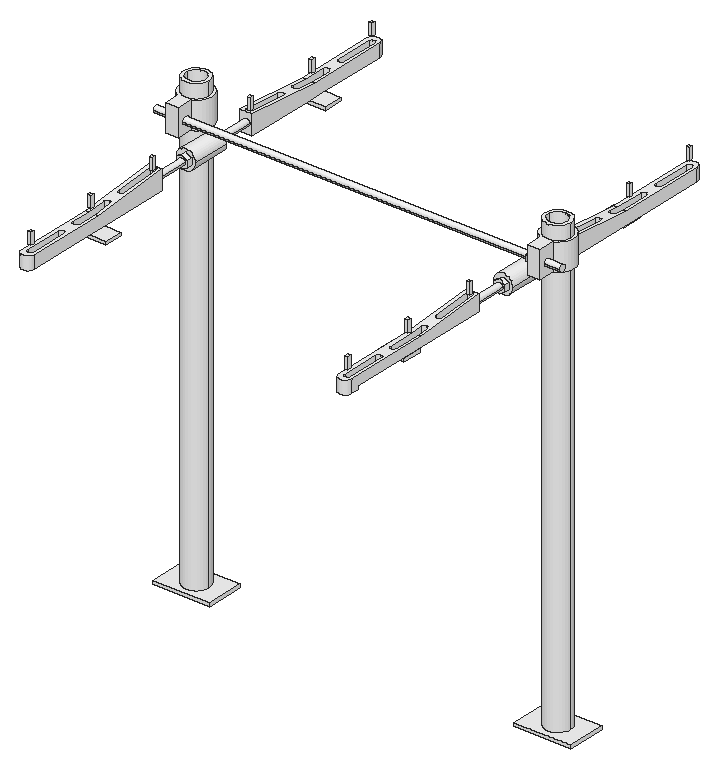
Revit family "Plumbing Fixture-Water_Closet_Carrier_Mifab_MC-42D-R", category Plumbing Fixtures, host Face, Revit 2013
Parameters
  WFU = 0
  URL = "www.mifab.com"
  Model = "MC-42D-R"
  Manufacturer = "MIFAB"
  Floor Drain Material = Paint - Sherwin Williams Paint - #952C2A - Bellwood Red
  Description = "Back To Back Fixture Carrier With Concealed Arms And Round Uprights For Ada Lavatories"
  Default Elevation = 0.000"
  Assembly Code = ""
Reference planes (in)
  plane 1 "Center (Front/Back)": y = 0
  plane 2: z = 0
  plane 3 "Center (Left/Right)": x = 0
Forms (in)
  Extrusion 1, solid, material "Paint - Sherwin Williams Paint - #952C2A - Bellwood Red" <- "Floor Drain Material"
    sketch origin (-0.29196, 0, 0) x (1, 0, 0) y (0, 1, 0)
      loop
        line (-16.49824, 1.5) -> (-16.49824, -1.5) -> (-11.99824, -1.5) -> (-11.99824, 1.5) -> (-16.49824, 1.5)
      loop
        line (16.50176, 1.5) -> (12.00176, 1.5) -> (12.00176, -1.5) -> (16.50176, -1.5) -> (16.50176, 1.5)
    from 0 to 0.25
  Extrusion 2, solid, material "Paint - Sherwin Williams Paint - #952C2A - Bellwood Red" <- "Floor Drain Material"
    sketch origin (-0.29196, 0, 0) x (1, 0, 0) y (0, 1, 0)
      loop
        circle (14.25176, 0) r 1
      loop
        circle (14.25176, 0) r 0.75
      loop
        circle (-14.24824, 0) r 1
      loop
        circle (-14.24824, 0) r 0.75
    from 0.25 to 36
  Extrusion 3, solid, material "Paint - Sherwin Williams Paint - #952C2A - Bellwood Red" <- "Floor Drain Material"
    sketch origin (11.65492, 0.03947, -1.5) x (0, 1, 0) y (0, 0, 1)
      loop
        line (-6.17964, 33.09919) -> (-6.17964, 34.3425) -> (-11.80094, 33.8507) -> (-18.14504, 33.8507) -> (-18.14504, 33.09919) -> (-6.17964, 33.09919)
    from 0 to 1
  Extrusion 4, solid, material "Paint - Sherwin Williams Paint - #952C2A - Bellwood Red" <- "Floor Drain Material"
    sketch origin (-2.04196, 41.8128, -1.23753) x (1, 0, 0) y (0, 0, 1)
      loop
        circle (14.25176, 33.3507) r 0.25
      loop
        circle (-10.74824, 33.3507) r 0.25
    from 45.38789 to 47.95296
  Extrusion 5, solid, material "Paint - Sherwin Williams Paint - #952C2A - Bellwood Red" <- "Floor Drain Material"
    sketch origin (-0.29196, -1.6872, -1.5) x (1, 0, 0) y (0, 0, 1)
      loop
        line (12.05665, 33.87016) -> (12.05665, 33.35618) -> (12.50176, 33.09919) -> (12.94688, 33.35618) -> (12.94688, 33.87016) -> (12.50176, 34.12715) -> (12.05665, 33.87016)
      loop
        line (-12.05312, 33.87016) -> (-12.49824, 34.12715) -> (-12.94335, 33.87016) -> (-12.94335, 33.35618) -> (-12.49824, 33.09919) -> (-12.05312, 33.35618) -> (-12.05312, 33.87016)
    from 1.5 to 1.88789
  Extrusion 6, solid, material "Paint - Sherwin Williams Paint - #952C2A - Bellwood Red" <- "Floor Drain Material"
    sketch origin (-12.33166, -0.5659, -1.5) x (0, 1, 0) y (0, 0, -1)
      loop
        line (-5.57427, -32.8507) -> (-17.53967, -32.8507) -> (-17.53967, -33.8507) -> (-11.80094, -33.8507) -> (-5.57427, -34.39547) -> (-5.57427, -32.8507)
    from 0 to 1
  Extrusion 7, solid, material "Paint - Sherwin Williams Paint - #952C2A - Bellwood Red" <- "Floor Drain Material"
    sketch origin (1.46157, -1.6872, 31.3507) x (-1, 0, 0) y (0, -1, 0)
      loop
        line (13.79323, 16.41836) -> (14.79323, 16.41836) -> (14.79323, 17)
        arc (14.79323, 17) -> (14.29323, 17.5) -> (13.79323, 17) r 0.5
        line (13.79323, 17) -> (13.79323, 16.41836)
    from 0 to 1
  Extrusion 8, solid, material "Paint - Sherwin Williams Paint - #952C2A - Bellwood Red" <- "Floor Drain Material"
    sketch origin (-2.04196, -1.6872, 31.3507) x (1, 0, 0) y (0, 1, 0)
      loop
        line (13.69688, -16.41836) -> (13.69688, -17)
        arc (13.69688, -17) -> (14.19688, -17.5) -> (14.69688, -17) r 0.5
        line (14.69688, -17) -> (14.69688, -16.41836) -> (13.69688, -16.41836)
    from 0 to 1
  Extrusion 9, void
    sketch origin (-0.29196, -1.6872, -1.5) x (1, 0, 0) y (0, 1, 0)
      loop
        line (-12.74824, -4.80094) -> (-12.74824, -7.80094)
        arc (-12.74824, -7.80094) -> (-12.49824, -8.05094) -> (-12.24824, -7.80094) r 0.25
        line (-12.24824, -7.80094) -> (-12.24824, -4.80094)
        arc (-12.24824, -4.80094) -> (-12.49824, -4.55094) -> (-12.74824, -4.80094) r 0.25
      loop
        line (-12.74824, -9.30094) -> (-12.74824, -12.30094)
        arc (-12.74824, -12.30094) -> (-12.49824, -12.55094) -> (-12.24824, -12.30094) r 0.25
        line (-12.24824, -12.30094) -> (-12.24824, -9.30094)
        arc (-12.24824, -9.30094) -> (-12.49824, -9.05094) -> (-12.74824, -9.30094) r 0.25
      loop
        line (-12.74824, -13.80094) -> (-12.74824, -16.80094)
        arc (-12.74824, -16.80094) -> (-12.49824, -17.05094) -> (-12.24824, -16.80094) r 0.25
        line (-12.24824, -16.80094) -> (-12.24824, -13.80094)
        arc (-12.24824, -13.80094) -> (-12.49824, -13.55094) -> (-12.74824, -13.80094) r 0.25
      loop
        arc (12.75176, -4.80094) -> (12.50176, -4.55094) -> (12.25176, -4.80094) r 0.25
        line (12.25176, -4.80094) -> (12.25176, -7.80094)
        arc (12.25176, -7.80094) -> (12.50176, -8.05094) -> (12.75176, -7.80094) r 0.25
        line (12.75176, -7.80094) -> (12.75176, -4.80094)
      loop
        arc (12.75176, -9.30094) -> (12.50176, -9.05094) -> (12.25176, -9.30094) r 0.25
        line (12.25176, -9.30094) -> (12.25176, -12.30094)
        arc (12.25176, -12.30094) -> (12.50176, -12.55094) -> (12.75176, -12.30094) r 0.25
        line (12.75176, -12.30094) -> (12.75176, -9.30094)
      loop
        arc (12.75176, -13.80094) -> (12.50176, -13.55094) -> (12.25176, -13.80094) r 0.25
        line (12.25176, -13.80094) -> (12.25176, -16.80094)
        arc (12.25176, -16.80094) -> (12.50176, -17.05094) -> (12.75176, -16.80094) r 0.25
        line (12.75176, -16.80094) -> (12.75176, -13.80094)
    from 33.29844 to 34.37564
  Extrusion 10, solid, material "Paint - Sherwin Williams Paint - #952C2A - Bellwood Red" <- "Floor Drain Material"
    sketch origin (-2.04196, -1.6872, -1.5) x (1, 0, 0) y (0, 1, 0)
      loop
        line (14.37676, -16.67594) -> (14.12676, -16.67594) -> (14.12676, -16.92594) -> (14.37676, -16.92594) -> (14.37676, -16.67594)
      loop
        line (14.37676, -4.95816) -> (14.37676, -4.74539) -> (14.12676, -4.74539) -> (14.12676, -4.95816) -> (14.37676, -4.95816)
      loop
        line (-10.87324, -16.67594) -> (-10.87324, -16.92594) -> (-10.62324, -16.92594) -> (-10.62324, -16.67594) -> (-10.87324, -16.67594)
      loop
        line (-10.87324, -4.95816) -> (-10.62324, -4.95816) -> (-10.62324, -4.70816) -> (-10.87324, -4.70816) -> (-10.87324, -4.95816)
    from 33.29844 to 35.29844
  Extrusion 11, solid, material "Paint - Sherwin Williams Paint - #952C2A - Bellwood Red" <- "Floor Drain Material"
    sketch origin (-2.04196, -1.6872, -0.85721) x (1, 0, 0) y (0, 1, 0)
      loop
        line (12.50176, -10.07993) -> (12.50176, -11.57993) -> (14.50176, -11.57993) -> (14.50176, -10.07993) -> (12.50176, -10.07993)
      loop
        line (-8.99824, -10.07993) -> (-10.99824, -10.07993) -> (-10.99824, -11.57993) -> (-8.99824, -11.57993) -> (-8.99824, -10.07993)
    from 31.95792 to 32.20792
  Extrusion 12, solid, material "Paint - Sherwin Williams Paint - #952C2A - Bellwood Red" <- "Floor Drain Material"
    sketch origin (-2.04196, 4.2109, -1.5) x (1, 0, 0) y (0, 1, 0)
      loop
        line (14.37676, -16.67594) -> (14.12676, -16.67594) -> (14.12676, -16.92594) -> (14.37676, -16.92594) -> (14.37676, -16.67594)
      loop
        line (-10.87324, -16.67594) -> (-10.87324, -16.92594) -> (-10.62324, -16.92594) -> (-10.62324, -16.67594) -> (-10.87324, -16.67594)
    from 33.29844 to 35.29844
  Extrusion 13, solid, material "Paint - Sherwin Williams Paint - #952C2A - Bellwood Red" <- "Floor Drain Material"
    sketch origin (63.95522, -0.89604, -2.25) x (0, 1, 0) y (0, 0, 1)
      loop
        circle (-0.85396, 36.06641) r 0.25
    from -80.24542 to -48.24542
  Extrusion 14, solid, material "Paint - Sherwin Williams Paint - #952C2A - Bellwood Red" <- "Floor Drain Material"
    sketch origin (11.65492, -3.41387, -1.5) x (0, -1, 0) y (0, 0, -1)
      loop
        line (-6.17964, -32.8507) -> (-18.14504, -32.8507) -> (-18.14504, -33.8507) -> (-11.80094, -33.8507) -> (-6.17964, -34.3425) -> (-6.17964, -32.8507)
    from 0 to 1
  Extrusion 15, solid, material "Paint - Sherwin Williams Paint - #952C2A - Bellwood Red" <- "Floor Drain Material"
    sketch origin (-2.04196, -1.6872, -1.23753) x (1, 0, 0) y (0, 0, -1)
      loop
        circle (14.25176, -33.3507) r 0.25
      loop
        circle (-10.74824, -33.3507) r 0.25
    from 1.88789 to 4.45296
  Extrusion 16, solid, material "Paint - Sherwin Williams Paint - #952C2A - Bellwood Red" <- "Floor Drain Material"
    sketch origin (-0.29196, -1.6872, -1.5) x (1, 0, 0) y (0, 0, -1)
      loop
        line (12.05665, -33.87016) -> (12.50176, -34.12715) -> (12.94688, -33.87016) -> (12.94688, -33.35618) -> (12.50176, -33.09919) -> (12.05665, -33.35618) -> (12.05665, -33.87016)
      loop
        line (-12.05312, -33.87016) -> (-12.05312, -33.35618) -> (-12.49824, -33.09919) -> (-12.94335, -33.35618) -> (-12.94335, -33.87016) -> (-12.49824, -34.12715) -> (-12.05312, -33.87016)
    from 1.5 to 1.88789
  Extrusion 17, solid, material "Paint - Sherwin Williams Paint - #952C2A - Bellwood Red" <- "Floor Drain Material"
    sketch origin (-12.33166, -2.80851, -1.5) x (0, -1, 0) y (0, 0, 1)
      loop
        line (-5.57427, 32.8507) -> (-5.57427, 34.39547) -> (-11.80094, 33.8507) -> (-17.53967, 33.8507) -> (-17.53967, 32.8507) -> (-5.57427, 32.8507)
    from 0 to 1
  Extrusion 18, solid, material "Paint - Sherwin Williams Paint - #952C2A - Bellwood Red" <- "Floor Drain Material"
    sketch origin (1.46157, -1.6872, 31.3507) x (-1, 0, 0) y (0, -1, 0)
      loop
        line (13.79323, -16.41836) -> (13.79323, -17)
        arc (13.79323, -17) -> (14.29323, -17.5) -> (14.79323, -17) r 0.5
        line (14.79323, -17) -> (14.79323, -16.41836) -> (13.79323, -16.41836)
    from 0 to 1
  Extrusion 19, solid, material "Paint - Sherwin Williams Paint - #952C2A - Bellwood Red" <- "Floor Drain Material"
    sketch origin (-2.04196, -1.6872, 31.3507) x (1, 0, 0) y (0, 1, 0)
      loop
        line (13.69688, 16.41836) -> (14.69688, 16.41836) -> (14.69688, 17)
        arc (14.69688, 17) -> (14.19688, 17.5) -> (13.69688, 17) r 0.5
        line (13.69688, 17) -> (13.69688, 16.41836)
    from 0 to 1
  Extrusion 20, void
    sketch origin (-0.29196, -1.6872, -1.5) x (1, 0, 0) y (0, 1, 0)
      loop
        arc (-12.74824, 4.80094) -> (-12.49824, 4.55094) -> (-12.24824, 4.80094) r 0.25
        line (-12.24824, 4.80094) -> (-12.24824, 7.80094)
        arc (-12.24824, 7.80094) -> (-12.49824, 8.05094) -> (-12.74824, 7.80094) r 0.25
        line (-12.74824, 7.80094) -> (-12.74824, 4.80094)
      loop
        arc (-12.74824, 9.30094) -> (-12.49824, 9.05094) -> (-12.24824, 9.30094) r 0.25
        line (-12.24824, 9.30094) -> (-12.24824, 12.30094)
        arc (-12.24824, 12.30094) -> (-12.49824, 12.55094) -> (-12.74824, 12.30094) r 0.25
        line (-12.74824, 12.30094) -> (-12.74824, 9.30094)
      loop
        arc (-12.74824, 13.80094) -> (-12.49824, 13.55094) -> (-12.24824, 13.80094) r 0.25
        line (-12.24824, 13.80094) -> (-12.24824, 16.80094)
        arc (-12.24824, 16.80094) -> (-12.49824, 17.05094) -> (-12.74824, 16.80094) r 0.25
        line (-12.74824, 16.80094) -> (-12.74824, 13.80094)
      loop
        line (12.75176, 4.80094) -> (12.75176, 7.80094)
        arc (12.75176, 7.80094) -> (12.50176, 8.05094) -> (12.25176, 7.80094) r 0.25
        line (12.25176, 7.80094) -> (12.25176, 4.80094)
        arc (12.25176, 4.80094) -> (12.50176, 4.55094) -> (12.75176, 4.80094) r 0.25
      loop
        line (12.75176, 9.30094) -> (12.75176, 12.30094)
        arc (12.75176, 12.30094) -> (12.50176, 12.55094) -> (12.25176, 12.30094) r 0.25
        line (12.25176, 12.30094) -> (12.25176, 9.30094)
        arc (12.25176, 9.30094) -> (12.50176, 9.05094) -> (12.75176, 9.30094) r 0.25
      loop
        line (12.75176, 13.80094) -> (12.75176, 16.80094)
        arc (12.75176, 16.80094) -> (12.50176, 17.05094) -> (12.25176, 16.80094) r 0.25
        line (12.25176, 16.80094) -> (12.25176, 13.80094)
        arc (12.25176, 13.80094) -> (12.50176, 13.55094) -> (12.75176, 13.80094) r 0.25
    from 33.29844 to 34.37564
  Extrusion 21, solid, material "Paint - Sherwin Williams Paint - #952C2A - Bellwood Red" <- "Floor Drain Material"
    sketch origin (-2.04196, -1.6872, -1.5) x (1, 0, 0) y (0, 1, 0)
      loop
        line (14.37676, 16.67594) -> (14.37676, 16.92594) -> (14.12676, 16.92594) -> (14.12676, 16.67594) -> (14.37676, 16.67594)
      loop
        line (14.37676, 4.95816) -> (14.12676, 4.95816) -> (14.12676, 4.74539) -> (14.37676, 4.74539) -> (14.37676, 4.95816)
      loop
        line (-10.87324, 16.67594) -> (-10.62324, 16.67594) -> (-10.62324, 16.92594) -> (-10.87324, 16.92594) -> (-10.87324, 16.67594)
      loop
        line (-10.87324, 4.95816) -> (-10.87324, 4.70816) -> (-10.62324, 4.70816) -> (-10.62324, 4.95816) -> (-10.87324, 4.95816)
    from 33.29844 to 35.29844
  Extrusion 22, solid, material "Paint - Sherwin Williams Paint - #952C2A - Bellwood Red" <- "Floor Drain Material"
    sketch origin (-2.04196, -1.6872, -0.85721) x (1, 0, 0) y (0, 1, 0)
      loop
        line (12.50176, 10.07993) -> (14.50176, 10.07993) -> (14.50176, 11.57993) -> (12.50176, 11.57993) -> (12.50176, 10.07993)
      loop
        line (-8.99824, 10.07993) -> (-8.99824, 11.57993) -> (-10.99824, 11.57993) -> (-10.99824, 10.07993) -> (-8.99824, 10.07993)
    from 31.95792 to 32.20792
  Extrusion 23, solid, material "Paint - Sherwin Williams Paint - #952C2A - Bellwood Red" <- "Floor Drain Material"
    sketch origin (-2.04196, -7.58531, -1.5) x (1, 0, 0) y (0, 1, 0)
      loop
        line (14.37676, 16.67594) -> (14.37676, 16.92594) -> (14.12676, 16.92594) -> (14.12676, 16.67594) -> (14.37676, 16.67594)
      loop
        line (-10.87324, 16.67594) -> (-10.62324, 16.67594) -> (-10.62324, 16.92594) -> (-10.87324, 16.92594) -> (-10.87324, 16.67594)
    from 33.29844 to 35.29844
  Extrusion 24, solid, material "Paint - Sherwin Williams Paint - #952C2A - Bellwood Red" <- "Floor Drain Material"
    sketch origin (0, 0, 0) x (1, 0, 0) y (0, 1, 0)
      loop
        arc (14.4598, -1.14564) -> (13.96085, 1.25) -> (13.45787, -1.1448) r 1.25
        line (13.45787, -1.1448) -> (13.45787, -2.36891) -> (14.4598, -2.36891) -> (14.4598, -1.14564)
      loop
        circle (13.9598, 0) r 1
      loop
        line (-15.0402, -1.14564) -> (-15.0402, -2.36891) -> (-14.0402, -2.36891) -> (-14.0402, -1.14564)
        arc (-14.0402, -1.14564) -> (-14.5402, 1.25) -> (-15.0402, -1.14564) r 1.25
      loop
        circle (-14.5402, 0) r 1
    from 32.8507 to 34.95792
  Extrusion 25, solid
    sketch origin (0, 0, 0) x (0, 1, 0) y (0, 0, 1)
      loop
        circle (-1.75, 33.81641) r 0.25
      loop
        line (-1.75, 34.21624) -> (-2.09627, 34.01632) -> (-2.09627, 33.61649) -> (-1.75, 33.41657) -> (-1.40373, 33.61649) -> (-1.40373, 34.01632) -> (-1.75, 34.21624)
    from 13.14287 to 13.45787
  Extrusion 26, solid
    sketch origin (0, 0, 0) x (0, 1, 0) y (0, 0, 1)
      loop
        circle (-1.75, 33.81641) r 0.25
      loop
        line (-1.75, 34.21624) -> (-2.09627, 34.01632) -> (-2.09627, 33.61649) -> (-1.75, 33.41657) -> (-1.40373, 33.61649) -> (-1.40373, 34.01632) -> (-1.75, 34.21624)
    from 13.14287 to 13.45787
  Extrusion 27, solid, material "Paint - Sherwin Williams Paint - #952C2A - Bellwood Red" <- "Floor Drain Material"
    sketch origin (0, 0, -1.5) x (1, 0, 0) y (0, 0, 1)
      loop
        circle (-12.7902, 33.61317) r 0.75997
      loop
        circle (12.2098, 33.61317) r 0.75997
    from 0.1872 to 3.1872
Cuts and joins
  Extrusion 9, Extrusion 20 cuts Extrusion 3
  Extrusion 9, Extrusion 20 cuts Extrusion 6
  Extrusion 9, Extrusion 20 cuts Extrusion 7
  Extrusion 9, Extrusion 20 cuts Extrusion 8
  Extrusion 9, Extrusion 20 cuts Extrusion 10
  Extrusion 9, Extrusion 20 cuts Extrusion 12
  Extrusion 20 cuts Extrusion 14
  Extrusion 20 cuts Extrusion 17
  Extrusion 20 cuts Extrusion 18
  Extrusion 20 cuts Extrusion 19
  Extrusion 20 cuts Extrusion 21
  Extrusion 20 cuts Extrusion 23
  joined: Extrusion 2, Extrusion 3, Extrusion 5, Extrusion 6, Extrusion 7, Extrusion 8, Extrusion 10, Extrusion 11, Extrusion 12, Extrusion 13, Extrusion 14, Extrusion 15, Extrusion 16, Extrusion 17, Extrusion 18, Extrusion 19, Extrusion 21, Extrusion 22, Extrusion 23, Extrusion 24, Extrusion 27
Dimensions and locks (in)
  Extrusion 1 sketch curve to Extrusion 1 sketch curve = 24.000"  (x2)
  locked: Extrusion 1 sketch curve to Extrusion 1 sketch curve at 4.5  (x2)
  aligned and locked: plane 2 to host face
  aligned and locked: level to host face
  aligned and locked: Extrusion 2 to Extrusion 1
  aligned and locked: Extrusion 6 to Extrusion 4
  aligned and locked: Extrusion 5 to Extrusion 4
  aligned and locked: Extrusion 8 to cut or joined group 1 (Extrusion 2, Extrusion 3, Extrusion 5, Extrusion 6, Extrusion 7, Extrusion 8, Extrusion 9, Extrusion 10, Extrusion 11, Extrusion 12, Extrusion 13, Extrusion 14, Extrusion 15, Extrusion 16, Extrusion 17, Extrusion 18, Extrusion 19, Extrusion 20, Extrusion 21, Extrusion 22, Extrusion 23, Extrusion 24, Extrusion 27)
  aligned and locked: Extrusion 6 to cut or joined group 1  (x2)
  aligned and locked: Extrusion 15 to Extrusion 17
  aligned and locked: Extrusion 15 to Extrusion 16
  aligned and locked: Extrusion 14 to Extrusion 19
  aligned and locked: Extrusion 3 to Extrusion 8
  aligned and locked: Extrusion 8 to Extrusion 3
  aligned and locked: Extrusion 25 to Extrusion 24
  aligned and locked: Extrusion 27 to cut or joined group 1  (x2)
